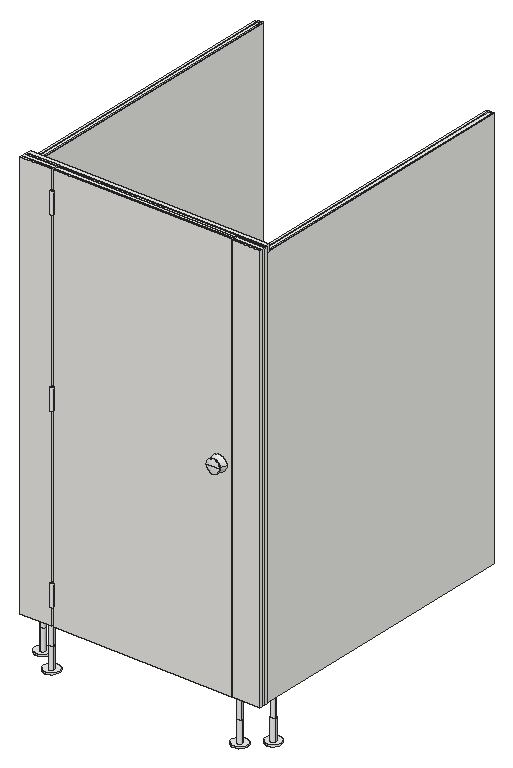
Revit family "Alsanit - Kabiny sanitarne PERSEI - Sandwich", category Doors, Revit 2020 (continued)
Definition of nested family "front"
  Forms (mm)
    Revolve 3, solid, material <- "Materiał okuć", visible <- "Drzwi zewnętrzne", detail levels fine
      sketch origin (-489.895, -17, 1200) x (-1, 0, 0) y (0, 0, 1)
        axis (-39.895, 716.75) -> (-39.895, -926.75)
      angle from 0 to 360
    Revolve 4, solid, material <- "Materiał okuć", detail levels fine
      sketch origin (0, 0, 1110) x (1, 0, 0) y (0, 1, 0)
        loop
          line (393, -41) -> (393, -46)
          arc (393, -46) -> (408.088, -45.376) -> (423, -43) r 129.442
          line (423, -43) -> (423, -41) -> (393, -41)
        loop
          arc (428, 0) -> (424.416, 5.468) -> (424.718, 12) r 10.61
          line (424.718, 12) -> (393, 12) -> (393, 0) -> (428, 0)
        axis (393, 12) -> (393, -46)
      angle from 0 to 360
    Sweep 5, solid, material <- "Materiał okuć", detail levels fine
      path origin (366, -1524, 1110) x (-1, 0, 0) y (0, -1, 0)
        loop
          line (-84, -1531) -> (-84, -1536)
      profile origin (450, 9.5, 1110) x (-1, 0, 0) y (0, 0, 1)
        loop
          line (48.128, 23.373) -> (-4.314, 8.829)
          arc (-4.314, 8.829) -> (-11.028, 0) -> (-4.314, -8.829) r 9.162
          line (-4.314, -8.829) -> (48.128, -23.373) -> (48.128, 23.373)
    Extrusion 6, solid, material <- "Materiał okuć", detail levels fine
      sketch origin (0, 0, 0) x (1, 0, 0) y (0, 0, 1)
        loop
          line (-9.496, 1752.645) -> (-9.496, 1747.392) -> (9.496, 1747.392) -> (9.496, 1752.645)
          arc (9.496, 1752.645) -> (4.682, 1758.517) -> (5.976, 1765.998) r 9.126
          arc (5.976, 1765.998) -> (0, 1777.33) -> (-5.976, 1765.998) r 7.241
          arc (-5.976, 1765.998) -> (-4.682, 1758.517) -> (-9.496, 1752.645) r 9.126
      from -7 to 0
    Extrusion 7, solid, material <- "Materiał okuć", detail levels fine
      sketch origin (42.235, -68.236, -0.053) x (-0.601815, 0.798636, 0) y (0, 0, -1)
        loop
          arc (104.856, -1759.865) -> (110.41, -1763.768) -> (114.787, -1758.58) r 5.027
          arc (114.787, -1758.58) -> (112.823, -1753.23) -> (108.108, -1750.03) r 9.3
          arc (108.108, -1750.03) -> (100.618, -1748.3) -> (92.979, -1747.445) r 66.588
          line (92.979, -1747.445) -> (85.678, -1747.445) -> (85.678, -1752.715)
          arc (85.678, -1752.715) -> (92.474, -1751.484) -> (99.218, -1752.976) r 17.523
          arc (99.218, -1752.976) -> (102.86, -1755.747) -> (104.856, -1759.865) r 9.85
      from 0 to -7.113
    Extrusion 8, solid, material <- "Materiał okuć", detail levels fine
      sketch origin (-42.235, -68.236, -0.053) x (0.601815, 0.798636, 0) y (0, 0, 1)
        loop
          arc (104.856, 1759.865) -> (102.86, 1755.747) -> (99.218, 1752.976) r 9.85
          arc (99.218, 1752.976) -> (92.474, 1751.484) -> (85.678, 1752.715) r 17.523
          line (85.678, 1752.715) -> (85.678, 1747.445) -> (92.979, 1747.445)
          arc (92.979, 1747.445) -> (100.618, 1748.3) -> (108.108, 1750.03) r 66.588
          arc (108.108, 1750.03) -> (112.823, 1753.23) -> (114.787, 1758.58) r 9.3
          arc (114.787, 1758.58) -> (110.41, 1763.768) -> (104.856, 1759.865) r 5.027
      from 0 to -7.113
    Revolve 9, solid, material <- "Materiał okuć", visible <- "Drzwi wewnętrzne", detail levels fine
      sketch origin (-489.895, 7, 1200) x (-1, 0, 0) y (0, 0, -1)
        loop
          line (-32.895, 43.25) -> (-32.895, 136.75) -> (-39.895, 136.75) -> (-39.895, 43.25) -> (-32.895, 43.25)
        loop
          line (-32.895, 833.25) -> (-32.895, 926.75) -> (-39.895, 926.75) -> (-39.895, 833.25) -> (-32.895, 833.25)
        loop
          line (-32.895, -716.75) -> (-32.895, -623.25) -> (-39.895, -623.25) -> (-39.895, -716.75) -> (-32.895, -716.75)
        axis (-39.895, -716.75) -> (-39.895, 926.75)
      angle from 0 to 360
    Revolve 10, solid, material <- "Materiał okuć", detail levels fine
      sketch origin (0, 0, 1110) x (1, 0, 0) y (0, 1, 0)
        loop
          line (461.5, 0) -> (469.5, 0) -> (469.5, 18) -> (448.5, 18) -> (448.5, 13) -> (463.5, 13) -> (463.5, 7) -> (461.5, 7) -> (461.5, 0)
        axis (469.5, 0) -> (469.5, 18)
      angle from 0 to 360
    Sweep 11, solid, material <- "Materiał okuć", detail levels fine
      path origin (0, 0, 0) x (1, 0, 0) y (0, 1, 0)
        loop
          line (393, 12) -> (393, 32)
      profile origin (393, 22, 0) x (-1, 0, 0) y (0, 0, 1)
        loop
          arc (20.5, 1118.773) -> (-10.746, 1124) -> (-42, 1118.822) r 96.453
          arc (-42, 1118.822) -> (-48.309, 1110) -> (-42, 1101.178) r 9.322
          arc (-42, 1101.178) -> (-9.312, 1096.012) -> (23.199, 1102.199) r 96.453
          arc (23.199, 1102.199) -> (26.818, 1111.295) -> (20.5, 1118.773) r 9.519
    SweptBlend 12, solid, material <- "Materiał okuć", detail levels fine
      path origin (0, 0, 0) x (1, 0, 0) y (0, 1, 0)
        loop
          line (393, 32) -> (393, 42)
      profile origin (393, 32, 0) x (-1, 0, 0) y (0, 0, 1)
        loop
          arc (-42, 1101.178) -> (-9.312, 1096.012) -> (23.199, 1102.199) r 96.453
          arc (23.199, 1102.199) -> (26.818, 1111.295) -> (20.5, 1118.773) r 9.519
          arc (20.5, 1118.773) -> (-10.746, 1124) -> (-42, 1118.822) r 96.453
          arc (-42, 1118.822) -> (-48.309, 1110) -> (-42, 1101.178) r 9.322
      end profile origin (393, 42, 0) x (-1, 0, 0) y (0, 0, 1)
        loop
          arc (18.881, 1114.042) -> (-10.748, 1119) -> (-40.384, 1114.09) r 91.453
          arc (-40.384, 1114.09) -> (-43.309, 1110) -> (-40.384, 1105.91) r 4.322
          arc (-40.384, 1105.91) -> (-9.822, 1101.005) -> (20.625, 1106.577) r 91.453
          arc (20.625, 1106.577) -> (21.823, 1110.793) -> (18.881, 1114.042) r 4.519
    Sweep 13, solid, material <- "Materiał okuć"
      path origin (0, 0, 0) x (1, 0, 0) y (0, 0, 1)
        loop
          line (0, 188) -> (0, 2000)
      profile origin (0, 0, 1094) x (-1, 0, 0) y (0, -1, 0)
        loop
          line (450, 7.5) -> (-450, 7.5) -> (-450, 2.5) -> (450, 2.5) -> (450, 7.5)
    Sweep 14, solid, material <- "Materiał płyt"
      path origin (0, 0, 0) x (1, 0, 0) y (0, 0, 1)
        loop
          line (0, 188) -> (0, 2000)
      profile origin (0, 0, 1094) x (-1, 0, 0) y (0, -1, 0)
        loop
          line (450, 2.5) -> (-450, 2.5) -> (-450, 0) -> (450, 0) -> (450, 2.5)
  Cuts and joins
    joined: Revolve 4, Sweep 5, Sweep 11, SweptBlend 12
    joined: Extrusion 6, Extrusion 7, Extrusion 8
  Lines and regions (mm)
    symbolic lines, visible <- "Drzwi zewnętrzne"
      curve 1: line (-450, -10, 0) -> (-450, -910, 0)
      curve 2: line (-450, -10, 0) -> (450, -10, 0)
      curve 3: arc (-450, -910, 0) -> (186.396, -646.396, 0) -> (450, -10, 0) r 900
    symbolic lines, visible <- "Drzwi wewnętrzne"
      curve 4: line (-450, 0, 0) -> (-450, 900, 0)
      curve 5: line (-450, 0, 0) -> (450, 0, 0)
      curve 6: arc (450, 0, 0) -> (186.396, 636.396, 0) -> (-450, 900, 0) r 900
  Dimensions and locks
    "Wysokość dolnej szczeliny": plane 5 to plane 2
    "Wysokość drzwi": plane 6 to plane 2
    "Grubość ścianki": plane 4 to plane 1 "Center (Front/Back)"
    locked: plane 9 to plane 7 at 57
    "Szerokość drzwi": plane 8 to plane 7
    equal spacing: plane 8, plane 3 "Center (Left/Right)", plane 7
    locked: plane 4 to plane 10 at 7
    plane 1 "Center (Front/Back)" to plane 13 to plane 12 = 7.00 mm locked, 5.00 mm locked
    locked: plane 9 to plane 15 at 76.5
    plane 6 to plane 16 to plane 17 = 83.25 mm locked, 93.50 mm locked
    locked: plane 14 to level at 1110
    "Szerokość drzwi": plane 4 to plane 18
    "Szerokość drzwi": plane 1 "Center (Front/Back)" to plane 19
    plane 9 to Revolve 4 sketch curve = 35.00 mm
    locked: plane 20 to plane 12 at 20
    locked: plane 21 to plane 20 at 10
    equal spacing: plane 1 "Center (Front/Back)", plane 22, plane 4
    equal spacing: plane 22, plane 23, plane 4
    equal spacing: plane 1 "Center (Front/Back)", plane 24, plane 22
    aligned and locked: level to plane 2
    aligned and locked: plane 6 to Sweep 1 sketch curve
    aligned and locked: plane 3 "Center (Left/Right)" to Sweep 1 sketch curve
    aligned and locked: plane 5 to Sweep 1 sketch curve
    aligned and locked: Sweep 1 sketch curve to plane 8
    aligned and locked: Sweep 1 sketch curve to plane 7
    aligned and locked: plane 8 to Revolve 3 sketch curve  (x2)
    aligned and locked: Sweep 1 sketch curve to plane 4
    aligned and locked: plane 13 to Sweep 5 sketch curve
    aligned and locked: plane 12 to Sweep 5 sketch curve
    aligned and locked: plane 7 to Sweep 5 sketch curve
    aligned and locked: plane 13 to Extrusion 6
    aligned and locked: plane 1 "Center (Front/Back)" to Extrusion 6
    aligned and locked: plane 15 to Revolve 10 sketch curve
    aligned and locked: Revolve 10 sketch curve to plane 15
    aligned and locked: plane 17 to Revolve 3 sketch curve
    aligned and locked: Revolve 3 sketch curve to plane 16
    aligned and locked: plane 8 to curve 1
    aligned and locked: curve 2 to plane 4
    aligned and locked: plane 7 to curve 2
    aligned and locked: plane 18 to curve 1
    aligned and locked: curve 4 to plane 8
    aligned and locked: plane 1 "Center (Front/Back)" to curve 5
    aligned and locked: plane 7 to curve 5
    aligned and locked: plane 12 to Sweep 11 sketch curve
    aligned and locked: plane 20 to Sweep 11 sketch curve
    aligned and locked: plane 9 to Sweep 11 sketch curve
    aligned and locked: plane 21 to SweptBlend 12 sketch curve
    aligned and locked: plane 20 to SweptBlend 12 sketch curve
    aligned and locked: plane 9 to SweptBlend 12 sketch curve
    aligned and locked: Sweep 1 sketch curve to plane 23
    aligned and locked: plane 6 to Sweep 13 sketch curve
    aligned and locked: plane 5 to Sweep 13 sketch curve
    aligned and locked: plane 3 "Center (Left/Right)" to Sweep 13 sketch curve
    aligned and locked: plane 7 to Sweep 13 sketch curve
    aligned and locked: plane 23 to Sweep 13 sketch curve
    aligned and locked: plane 24 to Sweep 13 sketch curve
    aligned and locked: plane 8 to Sweep 13 sketch curve
    aligned and locked: plane 6 to Sweep 14 sketch curve
    aligned and locked: plane 5 to Sweep 14 sketch curve
    aligned and locked: plane 3 "Center (Left/Right)" to Sweep 14 sketch curve
    aligned and locked: Sweep 14 sketch curve to plane 1 "Center (Front/Back)"
    aligned and locked: Sweep 14 sketch curve to plane 24
    aligned and locked: plane 8 to Sweep 14 sketch curve
    aligned and locked: plane 7 to Sweep 14 sketch curve
  Automatic sketch dimensions
    plane 8 to Revolve 3 sketch curve = 0.00 mm  (x2)
    Revolve 3 sketch curve to Revolve 3 sketch curve = 7.00 mm  (x3)
    Revolve 3 sketch curve to plane 5 = 85.25 mm
    Revolve 3 sketch curve to Revolve 3 sketch curve = 93.50 mm
    Revolve 3 sketch curve to Revolve 3 sketch curve = 31.50 mm
    Revolve 3 sketch curve to Revolve 3 sketch curve = 20.00 mm
    Sweep 5 sketch curve to profile plane = 0.00 mm
    profile plane to Sweep 5 sketch curve = 4.314 mm  (x2)
    profile plane to Sweep 5 sketch curve = 1.866 mm
    Sweep 5 sketch curve to profile plane = 23.373 mm
    Sweep 5 sketch curve to profile plane = 48.128 mm
    Sweep 5 sketch curve to profile plane = 8.829 mm
    profile plane to Sweep 5 sketch curve = 23.373 mm
    Extrusion 6 sketch curve to plane 3 "Center (Left/Right)" = 0.00 mm
    Extrusion 6 sketch curve to plane 3 "Center (Left/Right)" = 9.496 mm
    Extrusion 6 sketch curve to Extrusion 6 sketch curve = 4.01 mm  (x2)
    plane 3 "Center (Left/Right)" to Extrusion 6 sketch curve = 9.496 mm
    Extrusion 6 sketch curve to plane 6 = 252.608 mm
    Extrusion 6 sketch curve to Extrusion 6 sketch curve = 5.253 mm  (x2)
    Extrusion 6 sketch curve to Extrusion 6 sketch curve = 8.198 mm  (x2)
    Extrusion 6 sketch curve to Extrusion 6 sketch curve = 9.245 mm
    Extrusion 6 sketch curve to Extrusion 6 sketch curve = 0.00 mm
    Extrusion 7 sketch curve to plane 6 = 252.608 mm
    Extrusion 7 sketch curve to Extrusion 7 sketch curve = 3.724 mm
    Extrusion 7 sketch curve to Extrusion 7 sketch curve = 6.458 mm
    Extrusion 7 sketch curve to Extrusion 7 sketch curve = 7.301 mm
    Extrusion 7 sketch curve to Extrusion 7 sketch curve = 3.101 mm
    Extrusion 7 sketch curve to Extrusion 7 sketch curve = 10.258 mm
    Extrusion 7 sketch curve to Extrusion 7 sketch curve = 4.27 mm
    Extrusion 7 sketch curve to Extrusion 7 sketch curve = 5.269 mm
    Extrusion 7 sketch curve to Extrusion 7 sketch curve = 11.338 mm
    Extrusion 7 sketch curve to Extrusion 7 sketch curve = 0.173 mm
    Extrusion 7 sketch curve to Extrusion 7 sketch curve = 3.03 mm
    Extrusion 7 sketch curve to Extrusion 7 sketch curve = 7.018 mm
    Extrusion 7 sketch curve to Extrusion 7 sketch curve = 44.934 mm
    Extrusion 7 sketch curve to Extrusion 7 sketch curve = 0.00 mm  (x3)
    Extrusion 8 sketch curve to plane 6 = 252.608 mm
    Extrusion 8 sketch curve to Extrusion 8 sketch curve = 3.724 mm
    Extrusion 8 sketch curve to Extrusion 8 sketch curve = 6.458 mm
    Extrusion 8 sketch curve to Extrusion 8 sketch curve = 7.301 mm
    Extrusion 8 sketch curve to Extrusion 8 sketch curve = 3.101 mm
    Extrusion 8 sketch curve to Extrusion 8 sketch curve = 10.258 mm
    Extrusion 8 sketch curve to Extrusion 8 sketch curve = 4.27 mm
    Extrusion 8 sketch curve to Extrusion 8 sketch curve = 5.269 mm
    Extrusion 8 sketch curve to Extrusion 8 sketch curve = 11.338 mm
    Extrusion 8 sketch curve to Extrusion 8 sketch curve = 0.173 mm
    Extrusion 8 sketch curve to Extrusion 8 sketch curve = 3.03 mm
    Extrusion 8 sketch curve to Extrusion 8 sketch curve = 7.018 mm
    Extrusion 8 sketch curve to Extrusion 8 sketch curve = 44.934 mm
    Extrusion 8 sketch curve to Extrusion 8 sketch curve = 0.00 mm  (x3)
    plane 8 to Revolve 9 sketch curve = 0.00 mm  (x4)
    Revolve 9 sketch curve to Revolve 9 sketch curve = 7.00 mm  (x3)
    Revolve 9 sketch curve to plane 6 = 83.25 mm
    Revolve 9 sketch curve to Revolve 9 sketch curve = 93.50 mm
    plane 14 to Revolve 9 sketch curve = 46.75 mm
    Revolve 9 sketch curve to plane 14 = 46.75 mm
    Revolve 9 sketch curve to plane 5 = 178.75 mm
    Revolve 9 sketch curve to plane 5 = 85.25 mm
    Revolve 9 sketch curve to Revolve 9 sketch curve = 20.00 mm
    Revolve 9 sketch curve to Revolve 9 sketch curve = 31.50 mm
    plane 14 to Revolve 3 sketch curve = 46.75 mm
    Revolve 3 sketch curve to plane 14 = 46.75 mm
    plane 1 "Center (Front/Back)" to Revolve 10 sketch curve = 0.00 mm
    Revolve 10 sketch curve to plane 13 = 0.00 mm
    plane 12 to Revolve 10 sketch curve = 1.00 mm
    plane 15 to Revolve 10 sketch curve = 6.00 mm
    Revolve 10 sketch curve to Revolve 10 sketch curve = 2.00 mm
    Revolve 10 sketch curve to plane 7 = 1.50 mm
    plane 12 to Revolve 10 sketch curve = 6.00 mm
    Revolve 10 sketch curve to plane 12 = 4.00 mm
    Revolve 10 sketch curve to Revolve 10 sketch curve = 15.00 mm
    Revolve 2 sketch curve to plane 4 = 0.00 mm
    Revolve 2 sketch curve to plane 9 = 0.00 mm  (x2)
    plane 15 to Revolve 2 sketch curve = 1.746 mm
    Revolve 2 sketch curve to plane 10 = 15.315 mm
    Revolve 2 sketch curve to plane 10 = 24.00 mm
    Revolve 2 sketch curve to Revolve 2 sketch curve = 25.00 mm
    Revolve 2 sketch curve to Revolve 2 sketch curve = 10.00 mm
    Revolve 2 sketch curve to plane 7 = 27.00 mm
    Revolve 4 sketch curve to plane 9 = 0.00 mm  (x3)
    Revolve 4 sketch curve to plane 12 = 0.00 mm
    plane 1 "Center (Front/Back)" to Revolve 4 sketch curve = 0.00 mm
    plane 9 to Revolve 4 sketch curve = 2.208 mm
    Revolve 4 sketch curve to plane 7 = 27.00 mm
    Revolve 4 sketch curve to plane 12 = 3.732 mm
    Revolve 4 sketch curve to Revolve 4 sketch curve = 6.65 mm
    Revolve 4 sketch curve to plane 10 = 24.00 mm
    Revolve 4 sketch curve to Revolve 4 sketch curve = 2.00 mm
    Revolve 4 sketch curve to Revolve 4 sketch curve = 5.00 mm
    Revolve 4 sketch curve to Revolve 4 sketch curve = 20.00 mm
    Revolve 4 sketch curve to Revolve 4 sketch curve = 10.00 mm
    profile plane to Sweep 11 sketch curve = 38.987 mm
    profile plane to Sweep 11 sketch curve = 10.822 mm  (x2)
    Sweep 11 sketch curve to profile plane = 17.423 mm
    level to Sweep 11 sketch curve = 1027.547 mm
    Sweep 11 sketch curve to Sweep 11 sketch curve = 82.218 mm
    Sweep 11 sketch curve to Sweep 11 sketch curve = 0.235 mm
    Sweep 11 sketch curve to Sweep 11 sketch curve = 3.013 mm  (x2)
    Sweep 11 sketch curve to Sweep 11 sketch curve = 0.00 mm  (x2)
    Sweep 11 sketch curve to Sweep 11 sketch curve = 3.077 mm
    Sweep 11 sketch curve to Sweep 11 sketch curve = 5.776 mm
    profile plane to SweptBlend 12 sketch curve = 38.987 mm  (x2)
    profile plane to SweptBlend 12 sketch curve = 10.822 mm  (x4)
    level to SweptBlend 12 sketch curve = 1027.547 mm  (x2)
    SweptBlend 12 sketch curve to SweptBlend 12 sketch curve = 82.453 mm
    SweptBlend 12 sketch curve to SweptBlend 12 sketch curve = 3.013 mm  (x2)
    SweptBlend 12 sketch curve to SweptBlend 12 sketch curve = 0.00 mm  (x4)
    SweptBlend 12 sketch curve to profile plane = 20.50 mm
    SweptBlend 12 sketch curve to SweptBlend 12 sketch curve = 2.699 mm
    SweptBlend 12 sketch curve to SweptBlend 12 sketch curve = 3.077 mm
    SweptBlend 12 sketch curve to profile plane = 17.423 mm
    SweptBlend 12 sketch curve to SweptBlend 12 sketch curve = 82.218 mm
    SweptBlend 12 sketch curve to SweptBlend 12 sketch curve = 0.235 mm
    SweptBlend 12 sketch curve to SweptBlend 12 sketch curve = 1.397 mm
    SweptBlend 12 sketch curve to SweptBlend 12 sketch curve = 1.458 mm
    SweptBlend 12 sketch curve to SweptBlend 12 sketch curve = 3.202 mm
